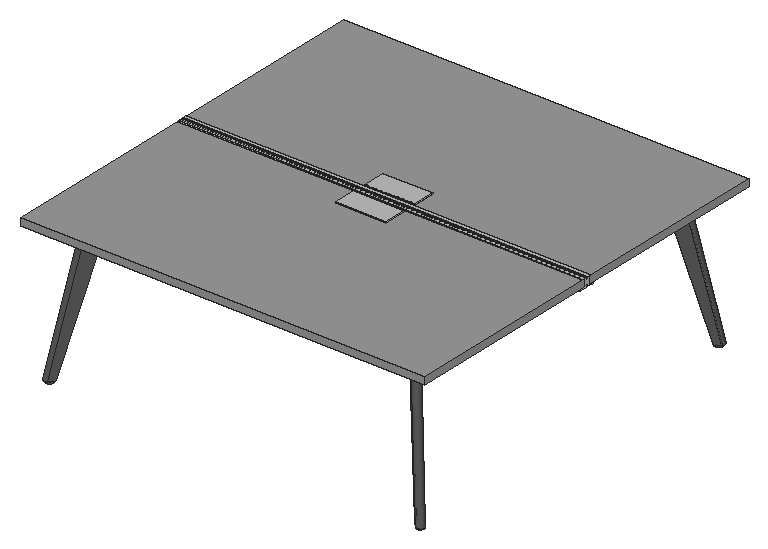
Revit family "Haworth_AWood_Bench_FacetoFace_EU_PRELIMINARY", category Furniture, Revit 2019
Family settings
  OmniClass Number = 23.40.70.14.64.11
  OmniClass Title = Office Furniture
  Work Plane-Based = No
  Always vertical = Yes
  Cut with Voids When Loaded = No
  Shared = No
  Room Calculation Point = No
Parameters (values of type "200 x 200")
  Worksurface Depth = "160, 180, 200cm"  # constant formula
  Worksurface Width = "120, 140, 160, 180, 200cm"  # constant formula
  Warranty = "http://www.haworth.com/resources/product-info/warranties"
  URL - Product = "https://www.haworth.com/eu/en/products/office-desks/a-wood.html?_br_psugg_q=awood"
  Type Comments = ""
  URL = "https://www.haworth.com/eu/en.html"
  Trim Finish = Haworth _ Metal _ Structured White EC
  Tray Depth = Actual Depth - 80 cm  # 120 cm
  Top Finish [instance] = Haworth _ Laminate _ Undecided _ Tables
  Small = no
  Size = "Verify Final Dim.w/ Haworth"  # constant formula
  Round Cable Outlet = no
  Revision Number = "1"  # constant formula
  No Accessory Kit = not(or(Accessory Kit, Flip Top Cable Outlet, Round Cable Outlet))  # no
  Model = "AWB1LXX1X"  # constant formula
  Medium = not(or(Large, Small))  # no
  Manufacturer = "Haworth"  # constant formula
  Leg Height = Actual Height - 3.5 cm  # 69.5 cm
  Large = yes
  Flip Top Finish = Haworth _ Paint _ Metallic Silver
  Flip Top Cable Outlet = yes
  Description = "Haworth - A_Wood - Bench - Face to Face"  # constant formula
  Depth = if(Central Rail, Actual Depth / 2 - 1 cm, Actual Depth)  # 99 cm
  Central Rail = yes
  Base Finish [instance] = Haworth _ Paint _ Black
  Author = "Haworth (Abd Rahman)"  # constant formula
  Assembly Code = "E2020200"
  Actual Width = 200 cm
  Actual Height = 73 cm  # constant formula
  Actual Depth = if(Small, 160 cm, if(Medium, 180 cm, 200 cm))  # 200 cm
  Accessory Kit = yes
Types (8, lengths in cm): name | Tray Depth | Small | Round Cable Outlet | No Accessory Kit | Medium | Large | Flip Top Cable Outlet | Depth | Central Rail | Actual Width | Actual Depth | Accessory Kit
  120 x 160 | 80 | yes | no | yes | no | no | no | 160 | no | 120 | 160 | no
  140 x 180 | 100 | no | no | yes | yes | no | no | 89 | yes | 140 | 180 | no
  160 x 200 | 120 | no | yes | no | no | yes | no | 99 | yes | 160 | 200 | no
  180 x 160 | 80 | yes | no | yes | no | no | no | 160 | no | 180 | 160 | no
  200 x 180 | 100 | no | no | yes | yes | no | no | 89 | yes | 200 | 180 | no
  200 x 200 | 120 | no | no | no | no | yes | yes | 99 | yes | 200 | 200 | yes
  160 x 160 | 80 | yes | no | no | no | no | yes | 160 | no | 160 | 160 | yes
  180 x 180 | 100 | no | no | yes | yes | no | no | 89 | yes | 180 | 180 | no
Reference planes (cm)
  plane 1 "Center F/B": y = 17.4526
  plane 2: z = 0
  plane 3 "Center L/R": x = 11.43
  plane 4 "Top": z = 73
  plane 5 "Left": x = -88.57
  plane 6 "Right": x = 111.43
  plane 7 "Back": y = 117.4526
  plane 8 "Front": y = -82.5474
  plane 9: y = 102.4526
  plane 10: y = -67.5474
  plane 11: z = 70.5
  plane 12: z = 69.5
  plane 13: x = -83.57
  plane 14: x = 106.43
Dimensions and locks (cm)
  "Actual Height": plane 4 "Top" to level
  equal spacing: plane 7 "Back", plane 1 "Center F/B", plane 8 "Front"
  "Actual Depth": plane 7 "Back" to plane 8 "Front"
  equal spacing: plane 5 "Left", plane 3 "Center L/R", plane 6 "Right"
  "Actual Width": plane 5 "Left" to plane 6 "Right"
  plane 4 "Top" to plane 11 to plane 12 = 2.5 cm locked, 1 cm locked
  locked: plane 5 "Left" to plane 13 at 5
  locked: plane 14 to plane 6 "Right" at 5
  locked: plane 8 "Front" to plane 10 at 15
  locked: plane 7 "Back" to plane 9 at 15
  aligned and locked: nested 1 to plane 10
  aligned and locked: nested 1 to plane 13
  aligned and locked: nested 3 to plane 14
  aligned and locked: nested 3 to plane 10
  aligned and locked: nested 5 to plane 13
  aligned and locked: nested 4 to plane 14
  aligned and locked: nested 4 to plane 9
  aligned and locked: nested 5 to plane 9
  aligned and locked: plane 3 "Center L/R" to nested 6
  aligned and locked: nested 6 to plane 4 "Top"
  aligned and locked: nested 7 to plane 13
  aligned and locked: plane 4 "Top" to nested 7
  aligned and locked: plane 3 "Center L/R" to nested 2
  aligned and locked: nested 2 to plane 8 "Front"
  aligned and locked: plane 3 "Center L/R" to nested 8
  aligned and locked: plane 7 "Back" to nested 8
  aligned and locked: plane 3 "Center L/R" to nested 9
  aligned and locked: nested 9 to plane 1 "Center F/B"
  aligned and locked: nested 9 to plane 4 "Top"
  aligned and locked: nested 10 to plane 1 "Center F/B"
  aligned and locked: nested 11 to plane 1 "Center F/B"
  aligned and locked: plane 13 to nested 10
  aligned and locked: nested 11 to plane 14
  aligned and locked: nested 11 to plane 12
  aligned and locked: nested 10 to plane 12
  aligned and locked: nested 9 to nested 6
  aligned and locked: nested 12 to plane 3 "Center L/R"
  aligned and locked: nested 12 to nested 9
  aligned and locked: plane 4 "Top" to nested 12
  aligned and locked: nested 9 to nested 7
  aligned and locked: plane 1 "Center F/B" to nested 13
  aligned and locked: nested 13 to plane 14
  aligned and locked: plane 4 "Top" to nested 13
Nested families (cm)
  nested 1: "Haworth_A_Wood_SingleLeg_PART" at (-23.7556, -17.3543, 0), Leg Finish <- "Base Finish", type "A_Wood Legs - PART"
    with Leg Finish Haworth _ Paint _ Black
  nested 2: "Haworth_A_Wood_Top_Rectangular-PART" at (170.2444, 38.0136, 0), Top Finish <- "Top Finish", visible <- "Central Rail", type "A_Wood Top Rectangular - PART"
    with Top Finish Haworth _ Laminate _ Undecided _ Tables, Void Depth 0 cm, Scallop no, Rounded Corners no, Actual Width 200 cm, Actual Depth 99 cm
  nested 3: "Haworth_A_Wood_SingleLeg_PART" at (45.9869, -17.983, 0) x (0, 1, 0) z (0, 0, 1), Leg Finish <- "Base Finish", type "A_Wood Legs - PART"
    with Leg Finish Haworth _ Paint _ Black
  nested 4: "Haworth_A_Wood_SingleLeg_PART" at (46.6156, 52.2596, 0) x (-1, 0, 0) z (0, 0, 1), Leg Finish <- "Base Finish", type "A_Wood Legs - PART"
    with Leg Finish Haworth _ Paint _ Black
  nested 5: "Haworth_A_Wood_SingleLeg_PART" at (-23.1269, 52.8883, 0) x (0, -1, 0) z (0, 0, 1), Leg Finish <- "Base Finish", type "A_Wood Legs - PART"
    with Leg Finish Haworth _ Paint _ Black
  nested 6: "Haworth-Flip Top" at (9.9813, 26.3193, -7), visible <- "Flip Top Cable Outlet", type "Flip Top - Visio"
    with Actual Width 25 cm
  nested 7: "Haworth_Grommet-PART" at (-63.3841, 54.6626, 20.7768), visible <- "Round Cable Outlet", type "Cable Outlet"
  nested 8: "Haworth_A_Wood_Top_Rectangular-PART" at (170.2444, 139.0136, 0), Top Finish <- "Top Finish", type "A_Wood Top Rectangular - PART"
    with Top Finish Haworth _ Laminate _ Undecided _ Tables, Void Depth 0 cm, Scallop no, Rounded Corners no, Actual Width 200 cm, Actual Depth 99 cm
  nested 9: "Haworth_A_Wood_Accessories_CentralRail_PART" at (170.2444, 67.0136, -0.075), visible <- "Central Rail", type "A_Wood Rail - PART"
    with Actual Width 200 cm
  nested 10: "Haworth_A_Wood_Accessories_SideGirder_PART" at (-129.6309, 176.267, -3.5) x (0, 1, 0) z (0, 0, 1), type "A_Wood Legs - PART"
    with Actual Width 120 cm
  nested 11: "Haworth_A_Wood_Accessories_SideGirder_PART" at (40.3691, 176.267, -3.5) x (0, 1, 0) z (0, 0, 1), type "A_Wood Legs - PART"
    with Actual Width 120 cm
  nested 12: "Haworth-Flip Top" at (9.9813, 8.586, -7), visible <- "Flip Top Cable Outlet", type "Flip Top - Visio"
    with Actual Width 25 cm
  nested 13: "Haworth_Grommet-PART" at (86.2441, -16.2574, 20.7768) x (-1, 0, 0) z (0, 0, 1), visible <- "Round Cable Outlet", type "Cable Outlet"
Definition of nested family "Haworth_A_Wood_SingleLeg_PART"
  Parameters (values of type "A_Wood Legs - PART")
    Warranty = "https://www.haworth.com/resources/product-info/warranties"
    URL - Product = ""
    Model = "Haworth - A_Wood"  # constant formula
    Metal Finish = none
    Leg Finish [instance] = none
    Description = "Haworth - A_Wood - Legs - PART"  # constant formula
    URL = ""
    Revision Number = "1"  # constant formula
    Manufacturer = "Haworth"  # constant formula
    Author = "Haworth (Abd Rahman)"  # constant formula
    Assembly Code = "E2020200"
    Actual Height = 73 cm  # constant formula
  Reference planes (cm)
    plane 1 "Bottom": z = 0
    plane 2 "Top": z = 73
    plane 3 "Top Bottom": z = 69.5
    plane 4: x = -59.8144
    plane 5: x = -39.3144
    plane 6: y = -39.9431
    plane 7 "Front": y = -60.4431
    plane 8: x = -49.5644
    plane 9: y = -50.1931
  Forms (cm)
    SweptBlend 1, solid, material <- "Leg Finish"
      path origin (-58.7425, -59.2694, 121.92) x (-0.707107, -0.707107, 0) y (0, 0, -1)
        loop
          line (-1.6984, 123.3068) -> (-17.8231, 51.5727)
      profile origin (-57.5416, -58.0684, -1.3868) x (-0.689892, -0.689892, 0.219313) y (0.707107, -0.707107, 0)
        loop
          line (-2.6886, 1.6172) -> (-2.6886, -2.1828) -> (0.0676, -2.1828)
          arc (0.0676, -2.1828) -> (1.9676, -0.2828) -> (0.0676, 1.6172) r 1.9
          line (0.0676, 1.6172) -> (-2.6886, 1.6172)
      end profile origin (-46.1396, -46.6665, 70.3473) x (-0.689892, -0.689892, 0.219313) y (0.707107, -0.707107, 0)
        loop
          line (-7.1321, -2.1828) -> (0, -2.1828)
          arc (0, -2.1828) -> (1.9, -0.2828) -> (0, 1.6172) r 1.9
          line (0, 1.6172) -> (-7.1321, 1.6172) -> (-7.1321, -2.1828)
    Extrusion 2, void
      sketch origin (-58.7425, -59.2694, 121.92) x (-0.707107, -0.707107, 0) y (0, 0, -1)
        loop
          line (-22.8359, 60.9135) -> (-31.3359, 60.9135) -> (-31.3359, 46.4135) -> (-6.8632, 46.4135) -> (-6.8632, 53.0135) -> (-22.8359, 53.0135) -> (-22.8359, 60.9135)
        loop
          line (1.2172, 120.9135) -> (1.2172, 124.4135) -> (-5.7828, 124.4135) -> (-5.7828, 120.9135) -> (1.2172, 120.9135)
      from -2.1828 to 1.6172
    Extrusion 3, solid, material <- "Metal Finish"
      sketch origin (22.515, 0, 0) x (-1, 0, 0) y (0, -1, 0)
        loop
          arc (63.3082, 55.3567) -> (64.353, 43.9204) -> (75.222, 40.2132) r 10.5502
          arc (75.222, 40.2132) -> (77.0947, 53.9447) -> (63.3082, 55.3567) r 9.6395
        loop
          circle (75.5231, 43.1034) r 0.6436
        loop
          circle (69.4207, 42.3367) r 0.5
        loop
          circle (63.9678, 47.7855) r 0.5
        loop
          circle (64.6924, 53.9741) r 0.6849
        loop
          circle (74.6212, 53.0565) r 0.7071
      from 68.9065 to 69.5
    Revolve 4, solid
      sketch origin (-0.1869, -57.1918, 0) x (1, 0, 0) y (0, 0, 1)
        loop
          line (-56.6292, 1.0037) -> (-56.6292, 0) -> (-54.9292, 0) -> (-54.9292, 0.4) -> (-56.0292, 0.4) -> (-56.0292, 1.0037) -> (-56.6292, 1.0037)
        axis (-56.6292, 1.0037) -> (-56.6292, 0)
      angle from 0 to 360
    Extrusion 5, solid, material <- "Metal Finish"
      sketch origin (-25.6346, -85.9201, 0) x (0.707107, -0.707107, 0) y (0, 0, 1)
        loop
          line (-44.0328, 69.5) -> (-44.0328, 62.4065) -> (-41.0328, 62.4065) -> (-41.0328, 69.5) -> (-44.0328, 69.5)
        loop
          circle (-42.5693, 66.9745) r 1
        loop
          circle (-42.5978, 63.7457) r 1
      from -18.4115 to -18.1579
    Extrusion 6, void
      sketch origin (-25.6346, -85.9201, 0) x (0.707107, -0.707107, 0) y (0, 0, 1)
        loop
          circle (-42.5693, 66.9745) r 1
        loop
          circle (-42.5978, 63.7457) r 1
      from -20.0066 to -17.9454
  Cuts and joins
    Extrusion 2, Extrusion 6 cuts SweptBlend 1
    Extrusion 6 cuts Extrusion 5
    joined: Extrusion 3, Extrusion 5
  Lines and regions (cm)
    symbolic lines, detail levels medium+fine
      curve 1: arc (-53.9353, -40.9662, 0) -> (-42.6617, -43.3429, 0) -> (-40.285, -54.6165, 0) r 10.5502
      curve 2: arc (-40.285, -54.6165, 0) -> (-46.2123, -57.5166, 0) -> (-52.6178, -55.9317, 0) r 9.6539
      curve 3: line (-58.7572, -56.6971, 0) -> (-55.2939, -53.2338, 0)
      curve 4: line (-52.6178, -55.9317, 0) -> (-56.0702, -59.3841, 0)
      curve 5: arc (-56.074, -59.3805, 0) -> (-58.786, -59.4129, 0) -> (-58.7536, -56.7008, 0) r 1.8953
      curve 6: arc (-55.2939, -53.2338, 0) -> (-56.8312, -46.8545, 0) -> (-53.9353, -40.9662, 0) r 9.6539
  Dimensions and locks (cm)
    "Actual Height": plane 2 "Top" to level
    plane 2 "Top" to plane 3 "Top Bottom" = 3.5 cm
    equal spacing: plane 4, plane 8, plane 5
    equal spacing: plane 6, plane 9, plane 7 "Front"
    Extrusion 5 sketch curve to cut or joined group of SweptBlend 1, Extrusion 2, Extrusion 6 = 0.3942 cm
    Extrusion 5 sketch curve to Extrusion 5 sketch curve = 3 cm
  Automatic sketch dimensions
    curve 2 to curve 6 = 0 cm  (x2)
    plane 4 to curve 5 = 2.3685 cm
    plane 4 to curve 3 = 4.5204 cm
    curve 4 to plane 8 = 3.0535 cm
    curve 1 to plane 8 = 0.5574 cm
    plane 8 to curve 6 = 2.3284 cm
    curve 5 to plane 7 "Front" = 2.3704 cm
    curve 4 to plane 7 "Front" = 4.5114 cm
    curve 3 to plane 9 = 3.0407 cm
    curve 1 to plane 9 = 0.6099 cm
    curve 1 to curve 6 = 2.8858 cm
    plane 4 to curve 5 = 1.0607 cm
    curve 3 to curve 5 = 0.0036 cm
    curve 5 to curve 5 = 1.3718 cm
    curve 4 to plane 7 "Front" = 1.059 cm
    curve 5 to curve 4 = 0.0038 cm
    curve 1 to plane 6 = 1.0231 cm
    curve 4 to curve 5 = 0.0036 cm
    curve 5 to curve 3 = 0.0038 cm
    plane 3 "Top Bottom" to SweptBlend 1 sketch curve = 0.8473 cm
    SweptBlend 1 sketch curve to level = 1.3868 cm
    SweptBlend 1 sketch curve to SweptBlend 1 sketch curve = 16.1248 cm
    profile plane to SweptBlend 1 sketch curve = 1.6172 cm
    profile plane to SweptBlend 1 sketch curve = 2.6886 cm
    SweptBlend 1 sketch curve to profile plane = 0.0676 cm
    SweptBlend 1 sketch curve to profile plane = 0.2828 cm  (x2)
    SweptBlend 1 sketch curve to profile plane = 0 cm
    SweptBlend 1 sketch curve to profile plane = 2.1828 cm
    SweptBlend 1 sketch curve to SweptBlend 1 sketch curve = 7.1321 cm
    Extrusion 2 sketch curve to plane 3 "Top Bottom" = 8.4935 cm
    Extrusion 2 sketch curve to Extrusion 2 sketch curve = 8.5 cm
    Extrusion 2 sketch curve to plane 3 "Top Bottom" = 0.5935 cm
    Extrusion 2 sketch curve to Extrusion 2 sketch curve = 15.9727 cm
    level to Extrusion 2 sketch curve = 1.0065 cm
    Extrusion 2 sketch curve to Extrusion 2 sketch curve = 17.0531 cm
    Extrusion 2 sketch curve to level = 2.4935 cm
    Extrusion 2 sketch curve to Extrusion 2 sketch curve = 7 cm
    plane 2 "Top" to Extrusion 2 sketch curve = 2.5065 cm
    plane 5 to Extrusion 3 sketch curve = 2.1385 cm
    plane 5 to Extrusion 3 sketch curve = 2.8631 cm
    Extrusion 3 sketch curve to plane 8 = 2.6586 cm
    Extrusion 3 sketch curve to plane 8 = 2.5606 cm
    plane 8 to Extrusion 3 sketch curve = 0.5653 cm
    plane 8 to Extrusion 3 sketch curve = 2.5418 cm
    plane 8 to Extrusion 3 sketch curve = 3.4437 cm
    plane 9 to Extrusion 3 sketch curve = 3.781 cm
    plane 9 to Extrusion 3 sketch curve = 2.8634 cm
    plane 9 to Extrusion 3 sketch curve = 0.2507 cm
    Extrusion 3 sketch curve to Extrusion 3 sketch curve = 2.4593 cm
    Extrusion 3 sketch curve to plane 9 = 2.4076 cm
    plane 6 to Extrusion 3 sketch curve = 3.1604 cm
    plane 6 to Extrusion 3 sketch curve = 2.3936 cm
    plane 5 to Extrusion 3 sketch curve = 1.4789 cm
    plane 6 to Extrusion 3 sketch curve = 0.2702 cm
    Revolve 4 sketch curve to level = 0 cm
    level to Revolve 4 sketch curve = 1.0037 cm
    plane 4 to Revolve 4 sketch curve = 2.9983 cm
    Revolve 4 sketch curve to Revolve 4 sketch curve = 0.6 cm
    Revolve 4 sketch curve to Revolve 4 sketch curve = 1.1 cm
    Revolve 4 sketch curve to Revolve 4 sketch curve = 0.4 cm
    Revolve 4 sketch curve to Revolve 4 sketch curve = 0 cm  (x2)
    Revolve 4 sketch curve to level = 0.0502 cm
    Extrusion 5 sketch curve to Extrusion 5 sketch curve = 1.435 cm
    Extrusion 5 sketch curve to Extrusion 5 sketch curve = 1.4634 cm
    Extrusion 5 sketch curve to plane 3 "Top Bottom" = 7.0935 cm
    Extrusion 5 sketch curve to Extrusion 5 sketch curve = 1.3391 cm
    Extrusion 5 sketch curve to plane 3 "Top Bottom" = 2.5255 cm
    Extrusion 5 sketch curve to plane 3 "Top Bottom" = 0 cm
    Extrusion 6 sketch curve to Extrusion 6 sketch curve = 3.2289 cm
    Extrusion 6 sketch curve to plane 3 "Top Bottom" = 5.7543 cm
    Extrusion 6 sketch curve to Extrusion 6 sketch curve = 0.0285 cm
    radius of Extrusion 3 sketch curve = 0.6436 cm
    radius of Extrusion 3 sketch curve = 0.5 cm  (x2)
    radius of Extrusion 3 sketch curve = 0.6849 cm
    radius of Extrusion 3 sketch curve = 0.7071 cm
    radius of Extrusion 5 sketch curve = 1 cm  (x2)
    radius of Extrusion 6 sketch curve = 1 cm  (x2)
Definition of nested family "Haworth_A_Wood_Top_Rectangular-PART"
  Parameters (values of type "A_Wood Top Rectangular - PART")
    Warranty = "https://www.haworth.com/resources/product-info/warranties"
    Void Depth = 15 cm
    URL - Product = ""
    Top Finish [instance] = none
    Thickness = 3.5 cm
    Squared Corners = yes
    Scallop = yes
    Rounded Corners = yes
    Rectangle = no
    Model = "Haworth - A_Wood"  # constant formula
    Description = "Haworth - A_Wood - Rectangular - Top - PART"  # constant formula
    URL = ""
    Revision Number = "1"  # constant formula
    Manufacturer = "Haworth"  # constant formula
    Author = "Haworth (Abd Rahman)"  # constant formula
    Assembly Code = "E2020200"
    Actual Width = 120 cm
    Actual Depth = 100 cm
  Reference planes (cm)
    plane 1 "Bottom": z = 0
    plane 2 "Top": z = 73
    plane 3 "Top Bottom": z = 69.5
    plane 4: x = -218.8144
    plane 5 "Right": x = -98.8144
    plane 6: y = -21.0609
    plane 7 "Front": y = -121.0609
    plane 8: x = -158.8144
    plane 9: y = -71.0609
    plane 10: y = -36.0609
    plane 11: x = -194.8144
    plane 12: x = -122.8144
  Forms (cm)
    Extrusion 1, solid, material <- "Top Finish", visible <- "Squared Corners"
      sketch origin (0, 0, 0) x (1, 0, 0) y (0, 1, 0)
        loop
          line (-218.8144, -21.0609) -> (-218.8144, -121.0609) -> (-98.8144, -121.0609) -> (-98.8144, -21.0609) -> (-218.8144, -21.0609)
      from 69.5 to 73
    Extrusion 2, solid, material <- "Top Finish", visible <- "Rounded Corners"
      sketch origin (0, 0, 0) x (1, 0, 0) y (0, 1, 0)
        loop
          arc (-214.8144, -21.0609) -> (-217.6428, -22.2325) -> (-218.8144, -25.0609) r 4
          line (-218.8144, -25.0609) -> (-218.8144, -117.0609)
          arc (-218.8144, -117.0609) -> (-217.6428, -119.8893) -> (-214.8144, -121.0609) r 4
          line (-214.8144, -121.0609) -> (-102.8144, -121.0609)
          arc (-102.8144, -121.0609) -> (-99.9859, -119.8893) -> (-98.8144, -117.0609) r 4
          line (-98.8144, -117.0609) -> (-98.8144, -25.0609)
          arc (-98.8144, -25.0609) -> (-99.9859, -22.2325) -> (-102.8144, -21.0609) r 4
          line (-102.8144, -21.0609) -> (-214.8144, -21.0609)
      from 69.5 to 73
    Extrusion 3, void
      sketch origin (0, 0, 0) x (1, 0, 0) y (0, 1, 0)
        loop
          line (-194.8144, -21.0609) -> (-189.1575, -36.0609) -> (-128.4712, -36.0609) -> (-122.8144, -21.0609) -> (-194.8144, -21.0609)
      from 0 to 182.4895
  Cuts and joins
    Extrusion 3 cuts Extrusion 2
    Extrusion 3 cuts Extrusion 1
  Lines and regions (cm)
    Masking region 1, visible <- "Squared Corners"
      outline origin (0, 0, 0) x (1, 0, 0) y (0, 1, 0)
        loop
          line (-218.8144, -21.0609) -> (-218.8144, -121.0609) -> (-98.8144, -121.0609) -> (-98.8144, -21.0609) -> (-218.8144, -21.0609)
    Masking region 2
      outline origin (0, -0.1905, 0) x (1, 0, 0) y (0, 1, 0)
        loop
          arc (-215.1194, -20.8704) -> (-217.7534, -22.199) -> (-218.8144, -24.9517) r 4.1015
          line (-218.8144, -24.9517) -> (-218.8144, -117.0498)
          arc (-218.8144, -117.0498) -> (-217.6953, -119.7514) -> (-214.9938, -120.8704) r 3.8205
          line (-214.9938, -120.8704) -> (-102.6349, -120.8704)
          arc (-102.6349, -120.8704) -> (-99.9334, -119.7514) -> (-98.8144, -117.0498) r 3.8205
          line (-98.8144, -117.0498) -> (-98.8144, -24.9517)
          arc (-98.8144, -24.9517) -> (-99.8753, -22.199) -> (-102.5093, -20.8704) r 4.1015
          line (-102.5093, -20.8704) -> (-215.1194, -20.8704)
  Dimensions and locks (cm)
    equal spacing: plane 4, plane 8, plane 5 "Right"
    equal spacing: plane 6, plane 9, plane 7 "Front"
    "Actual Depth": plane 7 "Front" to plane 6
    "Actual Width": plane 4 to plane 5 "Right"
    plane 2 "Top" to plane 3 "Top Bottom" = 3.5 cm  (x2)
    "Thickness": plane 2 "Top" to plane 3 "Top Bottom"
    locked: plane 4 to plane 11 at 24
    locked: plane 12 to plane 5 "Right" at 24
    "Void Depth": plane 10 to plane 6
    aligned and locked: Extrusion 1 sketch curve to plane 5 "Right"
    aligned and locked: Extrusion 1 sketch curve to plane 6
    aligned and locked: plane 4 to Extrusion 1 sketch curve
    aligned and locked: Extrusion 1 sketch curve to plane 7 "Front"
    aligned and locked: plane 2 "Top" to Extrusion 1
    aligned and locked: Extrusion 1 to plane 3 "Top Bottom"
    aligned and locked: Masking region 1 sketch curve to plane 5 "Right"
    aligned and locked: Masking region 1 sketch curve to plane 6
    aligned and locked: plane 4 to Masking region 1 sketch curve
    aligned and locked: Masking region 1 sketch curve to plane 7 "Front"
    aligned and locked: plane 6 to Masking region 2
    aligned and locked: plane 5 "Right" to Masking region 2
    aligned and locked: plane 7 "Front" to Extrusion 2
    aligned and locked: plane 7 "Front" to Masking region 2
    aligned and locked: Masking region 2 to plane 4
    aligned and locked: plane 10 to Extrusion 3 sketch curve
    aligned and locked: plane 6 to Extrusion 3 sketch curve
  Automatic sketch dimensions
    Extrusion 2 sketch curve to plane 4 = 0 cm
    plane 7 "Front" to Extrusion 2 sketch curve = 0 cm
    Extrusion 2 sketch curve to plane 6 = 0 cm
    Extrusion 2 sketch curve to plane 5 "Right" = 0 cm
    plane 4 to Extrusion 2 sketch curve = 4 cm  (x2)
    Extrusion 2 sketch curve to plane 5 "Right" = 4 cm  (x2)
    plane 4 to Masking region 2 sketch curve = 0 cm
    Masking region 2 sketch curve to plane 7 "Front" = 0 cm
    Masking region 2 sketch curve to plane 5 "Right" = 0 cm
    Masking region 2 sketch curve to plane 6 = 0 cm
    plane 4 to Masking region 2 sketch curve = 3.6949 cm
    Masking region 2 sketch curve to Masking region 2 sketch curve = 4.1015 cm
    Masking region 2 sketch curve to Masking region 2 sketch curve = 3.8205 cm
    Masking region 2 sketch curve to plane 5 "Right" = 3.8205 cm
    Masking region 2 sketch curve to plane 5 "Right" = 4.1015 cm
    Masking region 2 sketch curve to plane 5 "Right" = 3.6949 cm
    Extrusion 3 sketch curve to plane 11 = 0 cm  (x2)
    Extrusion 3 sketch curve to plane 6 = 0 cm  (x2)
    Extrusion 3 sketch curve to plane 12 = 0 cm  (x2)
    Extrusion 3 sketch curve to plane 11 = 5.6569 cm
    plane 12 to Extrusion 3 sketch curve = 5.6569 cm
Definition of nested family "Haworth-Flip Top"
  Parameters (values of type "Flip Top - Visio")
    Warranty = ""
    URL - Product = ""
    URL = ""
    Sustainability Info = ""
    Size = "Verify Final Dim. w/ Haworth"  # constant formula
    Single Sided = no
    Single Sided Wide = yes
    Revision Number = ""
    OmniClass Number = ""
    Material Options = ""
    Manufacturer = "Haworth"  # constant formula
    LEED Data = ""
    Flip Top Height = 2.5 cm
    Flip Top Finish = none
    Double Sided = no
    Double Sided Wide = no
    Author = "SHAPE Environments, LLC"  # constant formula
    Assembly Code = ""
    Actual Width = 20 cm
    Actual Height = 80 cm
    Actual Depth = 11 cm
  Reference planes (cm)
    plane 1 "Center F/B": y = 0.1333
    plane 2: z = 0
    plane 3 "Center L/R": x = 1.4487
    plane 4 "Back": y = 5.6333
    plane 5 "Right": x = 11.4487
    plane 6 "Front": y = -5.3667
    plane 7 "Left": x = -8.5513
    plane 8 "Table Height": z = 80
    plane 9: z = 77.5
  Forms (cm)
    Extrusion 1, solid, material <- "Flip Top Finish"
      sketch origin (0, 0, 80) x (-1, 0, 0) y (0, -1, 0)
        loop
          line (8.5513, -5.6333) -> (8.5513, 5.3667) -> (-11.4487, 5.3667) -> (-11.4487, -5.6333) -> (8.5513, -5.6333)
      from 0 to 0.3175
    Extrusion 2, solid, material <- "Flip Top Finish"
      sketch origin (0, 0, 80) x (-1, 0, 0) y (0, -1, 0)
        loop
          line (8.2338, -5.1571) -> (8.2338, 4.8904) -> (-11.1312, 4.8904) -> (-11.1312, -5.1571) -> (8.2338, -5.1571)
      from 0 to -2.5
  Cuts and joins
    joined: Extrusion 1, Extrusion 2
  Lines and regions (cm)
    symbolic lines
      curve 1: line (-8.5513, 5.6333, 80) -> (11.4487, 5.6333, 80)
      curve 2: line (-8.5513, -5.3667, 80) -> (-8.5513, 5.6333, 80)
      curve 3: line (11.4487, -5.3667, 80) -> (-8.5513, -5.3667, 80)
      curve 4: line (11.4487, 5.6333, 80) -> (11.4487, -5.3667, 80)
  Dimensions and locks (cm)
    equal spacing: plane 7 "Left", plane 3 "Center L/R", plane 5 "Right"
    "Actual Width": plane 7 "Left" to plane 5 "Right"
    equal spacing: plane 6 "Front", plane 1 "Center F/B", plane 4 "Back"
    "Actual Depth": plane 4 "Back" to plane 6 "Front"
    plane 7 "Left" to Extrusion 2 sketch curve = 0.3175 cm
    plane 4 "Back" to Extrusion 2 sketch curve = 0.4762 cm
    Extrusion 2 sketch curve to plane 5 "Right" = 0.3175 cm
    Extrusion 2 sketch curve to plane 6 "Front" = 0.4763 cm
    "Actual Height": plane 8 "Table Height" to level
    "Flip Top Height": plane 8 "Table Height" to plane 9
    aligned and locked: plane 7 "Left" to Extrusion 1 sketch curve
    aligned and locked: Extrusion 1 sketch curve to plane 4 "Back"
    aligned and locked: plane 6 "Front" to Extrusion 1 sketch curve
    aligned and locked: Extrusion 1 sketch curve to plane 5 "Right"
    aligned and locked: plane 9 to cut or joined group of Extrusion 1, Extrusion 2
  Automatic sketch dimensions
    curve 4 to plane 5 "Right" = 0 cm
    curve 2 to plane 4 "Back" = 0 cm
    curve 2 to plane 7 "Left" = 0 cm
    curve 4 to plane 6 "Front" = 0 cm
Definition of nested family "Haworth_Grommet-PART"
  Parameters (values of type "Cable Outlet")
    Warranty = "http://www.haworth.com/resources/product-info/warranties"
    Vertical = no
    URL = "www.haworth.com"
    Trim Finish = none
    Size = "Verify Final Dim. w/ Haworth"  # constant formula
    Revision Number = "1"  # constant formula
    Model = "X742"  # constant formula
    Manufacturer = "Haworth"  # constant formula
    Horizontal = yes
    Description = "Haworth - Cable Outlet - 25mm"  # constant formula
    Author = "Haworth (Abd Rahman)"  # constant formula
    Assembly Code = "E2020200"
    Actual Width = 9 cm  # constant formula
    Actual Height = 0.2 cm  # constant formula
    Actual Depth = 9 cm  # constant formula
  Reference planes (cm)
    plane 1: z = 52.2232
    plane 2 "Center L/R": x = -15.6859
    plane 3 "Center F/B": y = -29.21
    plane 4 "Top": z = 52.4232
    plane 5 "Back": y = -24.71
    plane 6 "Front": y = -33.71
    plane 7 "Right": x = -11.1859
    plane 8 "Left": x = -20.1859
    plane 9: x = -15.505
  Forms (cm)
    Revolve 1, solid, material <- "Trim Finish", visible <- "Vertical"
      sketch origin (-67.9273, -29.21, 36.6305) x (0, 0, 1) y (1, 0, 0)
        loop
          line (15.6859, 52.4223) -> (11.5684, 52.4223)
          arc (11.5684, 52.4223) -> (11.398, 52.3576) -> (11.2576, 52.2414) r 0.557
          line (11.2576, 52.2414) -> (15.6859, 52.2414) -> (15.6859, 52.4223)
        axis (15.6859, 52.4223) -> (15.6859, 52.2414)
      angle from 0 to 360
    Extrusion 2, void
      sketch origin (-67.9273, 0.0749, 36.6305) x (0, 0, -1) y (0, 1, 0)
        loop
          line (-17.5569, -26.0506) -> (-17.3333, -28.1782)
          arc (-17.3333, -28.1782) -> (-17.1796, -28.323) -> (-16.9822, -28.2479) r 0.1989
          arc (-16.9822, -28.2479) -> (-16.9186, -28.1652) -> (-16.8471, -28.0891) r 1.0616
          arc (-16.8471, -28.0891) -> (-16.3186, -27.7135) -> (-15.6859, -27.5721) r 1.6402
          arc (-15.6859, -27.5721) -> (-15.1781, -27.6415) -> (-14.7164, -27.8643) r 1.6402
          arc (-14.7164, -27.8643) -> (-14.5025, -27.8909) -> (-14.3853, -27.7099) r 0.203
          line (-14.3853, -27.7099) -> (-14.1679, -25.8137)
          arc (-14.1679, -25.8137) -> (-15.8906, -25.5293) -> (-17.5569, -26.0506) r 3.7744
      from 0 to 71.12
    Revolve 3, solid, material <- "Trim Finish", visible <- "Horizontal"
      sketch origin (-0.0331, -29.3081, 0.0151) x (-1, 0, 0) y (0, 0, 1)
        loop
          line (15.6859, 52.408) -> (11.5287, 52.408)
          arc (11.5287, 52.408) -> (11.3569, 52.3343) -> (11.219, 52.208) r 0.5592
          line (11.219, 52.208) -> (15.6859, 52.208) -> (15.6859, 52.408)
        axis (15.6859, 52.408) -> (15.6859, 52.208)
      angle from 0 to 360
    Extrusion 4, void
      sketch origin (-0.0331, -0.0232, 0.0151) x (1, 0, 0) y (0, 1, 0)
        loop
          line (-17.5569, -26.0506) -> (-17.3333, -28.1782)
          arc (-17.3333, -28.1782) -> (-17.1796, -28.323) -> (-16.9822, -28.2479) r 0.1989
          arc (-16.9822, -28.2479) -> (-16.9186, -28.1652) -> (-16.8471, -28.0891) r 1.0616
          arc (-16.8471, -28.0891) -> (-16.3186, -27.7135) -> (-15.6859, -27.5721) r 1.6402
          arc (-15.6859, -27.5721) -> (-15.1781, -27.6415) -> (-14.7164, -27.8643) r 1.6402
          arc (-14.7164, -27.8643) -> (-14.5025, -27.8909) -> (-14.3853, -27.7099) r 0.203
          line (-14.3853, -27.7099) -> (-14.1679, -25.8137)
          arc (-14.1679, -25.8137) -> (-15.8906, -25.5293) -> (-17.5569, -26.0506) r 3.7744
      from 0 to 71.12
  Cuts and joins
    Extrusion 2 cuts Revolve 1
    Extrusion 4 cuts Revolve 3
  Lines and regions (cm)
    Masking region 1
      outline origin (0, 0, 0) x (1, 0, 0) y (0, 1, 0)
        loop
          circle (-15.6859, -29.2849) r 4.4363
        loop
          circle (-15.6859, -29.2849) r 4.0899
        loop
          line (-14.3853, -27.7099) -> (-14.1679, -25.8137)
          arc (-14.1679, -25.8137) -> (-15.8906, -25.5293) -> (-17.5569, -26.0506) r 3.7744
          line (-17.5569, -26.0506) -> (-17.3333, -28.1782)
          arc (-17.3333, -28.1782) -> (-17.1796, -28.323) -> (-16.9822, -28.2479) r 0.1989
          arc (-16.9822, -28.2479) -> (-16.9186, -28.1652) -> (-16.8471, -28.0891) r 1.0616
          arc (-16.8471, -28.0891) -> (-16.3186, -27.7135) -> (-15.6859, -27.5721) r 1.6402
          arc (-15.6859, -27.5721) -> (-15.1781, -27.6415) -> (-14.7164, -27.8643) r 1.6402
          arc (-14.7164, -27.8643) -> (-14.5025, -27.8909) -> (-14.3853, -27.7099) r 0.203
  Dimensions and locks (cm)
    equal spacing: plane 8 "Left", plane 2 "Center L/R", plane 7 "Right"
    "Actual Width": plane 8 "Left" to plane 7 "Right"
    equal spacing: plane 5 "Back", plane 3 "Center F/B", plane 6 "Front"
    "Actual Depth": plane 5 "Back" to plane 6 "Front"
    "Actual Height": plane 4 "Top" to plane 1
    aligned and locked: plane 3 "Center F/B" to cut or joined group of Revolve 1, Extrusion 2  (x2)
    aligned and locked: cut or joined group of Revolve 3, Extrusion 4 to plane 4 "Top"
    aligned and locked: cut or joined group of Revolve 3, Extrusion 4 to plane 1
    aligned and locked: cut or joined group of Revolve 1, Extrusion 2 to plane 2 "Center L/R"
    aligned and locked: plane 9 to cut or joined group of Revolve 1, Extrusion 2
  Automatic sketch dimensions
    Revolve 1 sketch curve to plane 1 = 4.335 cm
    Revolve 1 sketch curve to Revolve 1 sketch curve = 0.3107 cm
    Revolve 1 sketch curve to Revolve 1 sketch curve = 0.1099 cm
    Revolve 1 sketch curve to Revolve 1 sketch curve = 4.0077 cm
    Revolve 1 sketch curve to plane 7 "Right" = 4.8651 cm
    Revolve 1 sketch curve to Revolve 1 sketch curve = 0.3651 cm
    Revolve 1 sketch curve to Revolve 1 sketch curve = 0 cm  (x2)
    Revolve 1 sketch curve to Revolve 1 sketch curve = 0.0195 cm
    Extrusion 2 sketch curve to Extrusion 2 sketch curve = 0 cm  (x2)
    plane 1 to Extrusion 2 sketch curve = 1.9643 cm
    Extrusion 2 sketch curve to Extrusion 2 sketch curve = 0.4161 cm
    Extrusion 2 sketch curve to Extrusion 2 sketch curve = 1.0307 cm
    Extrusion 2 sketch curve to Extrusion 2 sketch curve = 0.4587 cm
    Extrusion 2 sketch curve to Extrusion 2 sketch curve = 0.0242 cm
    Extrusion 2 sketch curve to Extrusion 2 sketch curve = 1.0632 cm
    Extrusion 2 sketch curve to Extrusion 2 sketch curve = 0.203 cm
    Extrusion 2 sketch curve to Extrusion 2 sketch curve = 0.2174 cm
    Extrusion 2 sketch curve to plane 5 "Back" = 4.5096 cm
    Extrusion 2 sketch curve to Extrusion 2 sketch curve = 0.0825 cm
    Extrusion 2 sketch curve to Extrusion 2 sketch curve = 0.3588 cm
    Extrusion 2 sketch curve to Extrusion 2 sketch curve = 0.7253 cm
    Extrusion 2 sketch curve to Extrusion 2 sketch curve = 1.502 cm
    Extrusion 2 sketch curve to Extrusion 2 sketch curve = 0.0031 cm
    Extrusion 2 sketch curve to Extrusion 2 sketch curve = 2.0772 cm
    Extrusion 2 sketch curve to Extrusion 2 sketch curve = 0.1925 cm
    Extrusion 2 sketch curve to Extrusion 2 sketch curve = 0.1586 cm
    Extrusion 2 sketch curve to Extrusion 2 sketch curve = 0.1352 cm
    Extrusion 2 sketch curve to Extrusion 2 sketch curve = 1.0976 cm
    Extrusion 2 sketch curve to Extrusion 2 sketch curve = 0.1281 cm
    Masking region 1 sketch curve to Masking region 1 sketch curve = 0 cm  (x4)
    Masking region 1 sketch curve to plane 2 "Center L/R" = 0 cm  (x2)
    Masking region 1 sketch curve to plane 2 "Center L/R" = 0.4242 cm
    Masking region 1 sketch curve to Masking region 1 sketch curve = 1.0307 cm
    Masking region 1 sketch curve to plane 3 "Center F/B" = 1.0318 cm
    Masking region 1 sketch curve to Masking region 1 sketch curve = 0.1925 cm
    Masking region 1 sketch curve to plane 2 "Center L/R" = 1.871 cm
    plane 3 "Center F/B" to Masking region 1 sketch curve = 0.002 cm
    plane 2 "Center L/R" to Masking region 1 sketch curve = 0.0345 cm
    plane 2 "Center L/R" to Masking region 1 sketch curve = 0.0586 cm
    plane 2 "Center L/R" to Masking region 1 sketch curve = 1.0976 cm
    Masking region 1 sketch curve to Masking region 1 sketch curve = 0.203 cm
    plane 2 "Center L/R" to Masking region 1 sketch curve = 1.518 cm
    plane 3 "Center F/B" to Masking region 1 sketch curve = 0.0749 cm
    Masking region 1 sketch curve to Masking region 1 sketch curve = 0.0096 cm
    Masking region 1 sketch curve to plane 3 "Center F/B" = 0.3569 cm
    Masking region 1 sketch curve to Masking region 1 sketch curve = 0.0504 cm
    Masking region 1 sketch curve to plane 3 "Center F/B" = 1.5001 cm
    Masking region 1 sketch curve to Masking region 1 sketch curve = 0.0031 cm
    Masking region 1 sketch curve to plane 5 "Back" = 1.3406 cm
    Masking region 1 sketch curve to Masking region 1 sketch curve = 0.2938 cm
    Masking region 1 sketch curve to Masking region 1 sketch curve = 0.1586 cm
    Revolve 3 sketch curve to plane 7 "Right" = 0.0663 cm
    Revolve 3 sketch curve to Revolve 3 sketch curve = 0.3096 cm
    Revolve 3 sketch curve to Revolve 3 sketch curve = 0.1316 cm
    Revolve 3 sketch curve to Revolve 3 sketch curve = 4.0256 cm
    Revolve 3 sketch curve to plane 4 "Top" = 0.5434 cm
    Revolve 3 sketch curve to Revolve 3 sketch curve = 0.3434 cm
    Revolve 3 sketch curve to Revolve 3 sketch curve = 0 cm
    Revolve 3 sketch curve to Revolve 3 sketch curve = 0.0151 cm  (x2)
    Extrusion 4 sketch curve to Extrusion 4 sketch curve = 0 cm  (x2)
    Extrusion 4 sketch curve to plane 7 "Right" = 6.4042 cm
    Extrusion 4 sketch curve to Extrusion 4 sketch curve = 0.4161 cm
    Extrusion 4 sketch curve to Extrusion 4 sketch curve = 1.0307 cm
    Extrusion 4 sketch curve to Extrusion 4 sketch curve = 0.4587 cm
    Extrusion 4 sketch curve to Extrusion 4 sketch curve = 0.0242 cm
    Extrusion 4 sketch curve to Extrusion 4 sketch curve = 1.0632 cm
    Extrusion 4 sketch curve to Extrusion 4 sketch curve = 0.203 cm
    Extrusion 4 sketch curve to Extrusion 4 sketch curve = 0.2174 cm
    Extrusion 4 sketch curve to plane 5 "Back" = 4.6077 cm
    Extrusion 4 sketch curve to Extrusion 4 sketch curve = 0.0825 cm
    Extrusion 4 sketch curve to Extrusion 4 sketch curve = 0.3588 cm
    Extrusion 4 sketch curve to Extrusion 4 sketch curve = 0.7253 cm
    Extrusion 4 sketch curve to Extrusion 4 sketch curve = 1.502 cm
    Extrusion 4 sketch curve to Extrusion 4 sketch curve = 0.0031 cm
    Extrusion 4 sketch curve to Extrusion 4 sketch curve = 2.0772 cm
    Extrusion 4 sketch curve to Extrusion 4 sketch curve = 0.1925 cm
    Extrusion 4 sketch curve to Extrusion 4 sketch curve = 0.1586 cm
    Extrusion 4 sketch curve to Extrusion 4 sketch curve = 0.1352 cm
    Extrusion 4 sketch curve to Extrusion 4 sketch curve = 1.0976 cm
    Extrusion 4 sketch curve to Extrusion 4 sketch curve = 0.1281 cm
    radius of Masking region 1 sketch curve = 4.4363 cm
    radius of Masking region 1 sketch curve = 4.0899 cm
Definition of nested family "Haworth_A_Wood_Accessories_CentralRail_PART"
  Parameters (values of type "A_Wood Rail - PART")
    Warranty = "https://www.haworth.com/resources/product-info/warranties"
    URL - Product = ""
    Model = "Haworth - A_Wood"  # constant formula
    Metal Finish = none
    Description = "Haworth - A_Wood - Rail - PART"  # constant formula
    URL = ""
    Revision Number = "1"  # constant formula
    Manufacturer = "Haworth"  # constant formula
    Author = "Haworth (Abd Rahman)"  # constant formula
    Assembly Code = "E2020200"
    Actual Width = 100 cm
    Actual Height = 73 cm  # constant formula
    Actual Depth = 7 cm  # constant formula
  Reference planes (cm)
    plane 1 "Bottom": z = 0
    plane 2 "Top": z = 73.25
    plane 3: x = -208.8144
    plane 4 "Right": x = -108.8144
    plane 5: y = -46.0609
    plane 6 "Front": y = -53.0609
    plane 7: x = -158.8144
    plane 8: y = -49.5609
    plane 9: z = 68.85
  Forms (cm)
    Extrusion 1, solid, material <- "Metal Finish"
      sketch origin (-108.8144, 0, 0) x (0, 1, 0) y (0, 0, 1)
        loop
          line (-48.2875, 69.375) -> (-48.2875, 73.075) -> (-47.0761, 73.075) -> (-46.9836, 73.1675) -> (-47.0661, 73.25) -> (-48.9815, 73.25) -> (-48.9815, 72.9105) -> (-48.6875, 72.8586) -> (-48.6875, 72.575) -> (-49.2325, 72.0725) -> (-49.2325, 70.4825) -> (-49.7174, 70.4825) -> (-49.7174, 72.0494) -> (-50.2875, 72.575) -> (-50.2875, 72.8392) -> (-50.0209, 72.9106) -> (-50.0209, 73.25) -> (-51.893, 73.25) -> (-52.0045, 73.1386) -> (-51.9409, 73.075) -> (-50.6875, 73.075) -> (-50.6875, 69.375) -> (-52.9875, 69.375) -> (-52.9875, 68.975) -> (-52.8875, 68.875) -> (-51.5875, 68.875) -> (-51.4375, 69.075) -> (-50.2375, 69.075) -> (-50.2375, 70.175) -> (-48.7375, 70.175) -> (-48.7375, 69.075) -> (-47.5375, 69.075) -> (-47.3875, 68.875) -> (-46.0875, 68.875) -> (-45.9875, 68.975) -> (-45.9875, 69.375) -> (-48.2875, 69.375)
      from -100 to 0
  Lines and regions (cm)
    symbolic lines, detail levels medium+fine
      curve 1: line (-208.8144, -46.0609, 0) -> (-108.8144, -46.0609, 0)
      curve 2: line (-208.8144, -53.0609, 0) -> (-208.8144, -46.0609, 0)
      curve 3: line (-108.8144, -53.0609, 0) -> (-208.8144, -53.0609, 0)
      curve 4: line (-108.8144, -46.0609, 0) -> (-108.8144, -53.0609, 0)
  Dimensions and locks (cm)
    equal spacing: plane 3, plane 7, plane 4 "Right"
    equal spacing: plane 5, plane 8, plane 6 "Front"
    "Actual Depth": plane 6 "Front" to plane 5
    "Actual Width": plane 3 to plane 4 "Right"
    locked: plane 2 "Top" to plane 9 at 4.4
    aligned and locked: curve 4 to plane 4 "Right"
    aligned and locked: curve 1 to plane 5
    aligned and locked: plane 3 to curve 2
    aligned and locked: curve 3 to plane 6 "Front"
    aligned and locked: Extrusion 1 to plane 3
    aligned and locked: plane 4 "Right" to Extrusion 1
  Automatic sketch dimensions
    Extrusion 1 sketch curve to plane 2 "Top" = 0 cm  (x2)
    plane 9 to Extrusion 1 sketch curve = 0.125 cm  (x2)
    Extrusion 1 sketch curve to plane 8 = 3.4266 cm
    plane 9 to Extrusion 1 sketch curve = 0.025 cm  (x4)
    Extrusion 1 sketch curve to Extrusion 1 sketch curve = 0.1 cm  (x2)
    Extrusion 1 sketch curve to plane 8 = 2.38 cm
    Extrusion 1 sketch curve to Extrusion 1 sketch curve = 1.3 cm  (x2)
    plane 9 to Extrusion 1 sketch curve = 0.225 cm  (x3)
    Extrusion 1 sketch curve to Extrusion 1 sketch curve = 0.15 cm  (x2)
    Extrusion 1 sketch curve to Extrusion 1 sketch curve = 0.75 cm  (x2)
    Extrusion 1 sketch curve to plane 8 = 1.1266 cm
    Extrusion 1 sketch curve to Extrusion 1 sketch curve = 0.4 cm  (x2)
    Extrusion 1 sketch curve to Extrusion 1 sketch curve = 0.45 cm  (x2)
    Extrusion 1 sketch curve to plane 8 = 0.4599 cm
    Extrusion 1 sketch curve to plane 8 = 0.1565 cm
    plane 8 to Extrusion 1 sketch curve = 0.3284 cm
    plane 8 to Extrusion 1 sketch curve = 0.5794 cm
    plane 8 to Extrusion 1 sketch curve = 0.8234 cm
    Extrusion 1 sketch curve to Extrusion 1 sketch curve = 0.294 cm
    plane 9 to Extrusion 1 sketch curve = 0.525 cm  (x2)
    Extrusion 1 sketch curve to plane 2 "Top" = 0.175 cm
    Extrusion 1 sketch curve to Extrusion 1 sketch curve = 1.2114 cm
    Extrusion 1 sketch curve to Extrusion 1 sketch curve = 0.01 cm
    Extrusion 1 sketch curve to plane 2 "Top" = 0.0825 cm
    Extrusion 1 sketch curve to Extrusion 1 sketch curve = 0.8 cm
    Extrusion 1 sketch curve to Extrusion 1 sketch curve = 0.3075 cm
    Extrusion 1 sketch curve to plane 2 "Top" = 1.2006 cm
    Extrusion 1 sketch curve to Extrusion 1 sketch curve = 0.0231 cm
    Extrusion 1 sketch curve to Extrusion 1 sketch curve = 0.5 cm  (x2)
    Extrusion 1 sketch curve to Extrusion 1 sketch curve = 0.2642 cm
    Extrusion 1 sketch curve to Extrusion 1 sketch curve = 0.2836 cm
    Extrusion 1 sketch curve to Extrusion 1 sketch curve = 0.0518 cm
    Extrusion 1 sketch curve to Extrusion 1 sketch curve = 0.0714 cm
    Extrusion 1 sketch curve to plane 2 "Top" = 0.1114 cm
    Extrusion 1 sketch curve to Extrusion 1 sketch curve = 0.0636 cm
    Extrusion 1 sketch curve to Extrusion 1 sketch curve = 0.1114 cm
Definition of nested family "Haworth_A_Wood_Accessories_SideGirder_PART"
  Parameters (values of type "A_Wood Legs - PART")
    Warranty = "https://www.haworth.com/resources/product-info/warranties"
    URL - Product = ""
    Model = "Haworth - A_Wood"  # constant formula
    Metal Finish = none
    Description = "Haworth - A_Wood - Legs - PART"  # constant formula
    URL = ""
    Revision Number = "1"  # constant formula
    Manufacturer = "Haworth"  # constant formula
    Author = "Haworth (Abd Rahman)"  # constant formula
    Assembly Code = "E2020200"
    Actual Width = 100 cm
    Actual Height = 73 cm  # constant formula
    Actual Depth = 20 cm  # constant formula
  Reference planes (cm)
    plane 1 "Bottom": z = 0
    plane 2 "Top": z = 73
    plane 3 "Top Bottom": z = 69
    plane 4: x = -208.8144
    plane 5 "Right": x = -108.8144
    plane 6: y = -46.0609
    plane 7 "Front": y = -66.0609
    plane 8: x = -158.8144
    plane 9: y = -56.0609
    plane 10: z = 68.8
    plane 11: x = -205.8144
    plane 12: x = -111.8144
  Forms (cm)
    Extrusion 1, solid, material <- "Metal Finish"
      sketch origin (-108.8144, 0, 0) x (0, 1, 0) y (0, 0, 1)
        loop
          line (-46.4438, 72.8) -> (-46.4438, 73) -> (-53.8764, 73)
          arc (-53.8764, 73) -> (-54.1623, 72.8816) -> (-54.2808, 72.5957) r 0.4043
          line (-54.2808, 72.5957) -> (-54.2808, 69.2022)
          arc (-54.2808, 69.2022) -> (-54.34, 69.0592) -> (-54.4829, 69) r 0.2022
          line (-54.4829, 69) -> (-57.0452, 69)
          arc (-57.0452, 69) -> (-57.1943, 69.0618) -> (-57.2561, 69.2109) r 0.2109
          line (-57.2561, 69.2109) -> (-57.2561, 72.5985)
          arc (-57.2561, 72.5985) -> (-57.3737, 72.8824) -> (-57.6576, 73) r 0.4015
          line (-57.6576, 73) -> (-65.0784, 73) -> (-65.0784, 72.8) -> (-57.6368, 72.8)
          arc (-57.6368, 72.8) -> (-57.4986, 72.7428) -> (-57.4414, 72.6047) r 0.1953
          line (-57.4414, 72.6047) -> (-57.4414, 69.1874)
          arc (-57.4414, 69.1874) -> (-57.3279, 68.9135) -> (-57.054, 68.8) r 0.3874
          line (-57.054, 68.8) -> (-54.4674, 68.8)
          arc (-54.4674, 68.8) -> (-54.194, 68.9132) -> (-54.0808, 69.1866) r 0.3866
          line (-54.0808, 69.1866) -> (-54.0808, 72.6004)
          arc (-54.0808, 72.6004) -> (-54.0223, 72.7415) -> (-53.8811, 72.8) r 0.1996
          line (-53.8811, 72.8) -> (-46.4438, 72.8)
      from -100 to 0
    Extrusion 2, void
      sketch origin (0, 0, 0) x (1, 0, 0) y (0, 1, 0)
        loop
          circle (-205.8144, -48.3577) r 0.5
        loop
          circle (-205.8144, -63.7641) r 0.5
        loop
          circle (-111.8144, -48.3577) r 0.5
        loop
          circle (-111.8144, -63.7641) r 0.5
      from 47.3173 to 109.3742
  Cuts and joins
    Extrusion 2 cuts Extrusion 1
  Lines and regions (cm)
    symbolic lines, detail levels medium+fine
      curve 1: line (-208.8144, -46.0609, 0) -> (-108.8144, -46.0609, 0)
      curve 2: line (-208.8144, -66.0609, 0) -> (-208.8144, -46.0609, 0)
      curve 3: line (-108.8144, -66.0609, 0) -> (-208.8144, -66.0609, 0)
      curve 4: line (-108.8144, -46.0609, 0) -> (-108.8144, -66.0609, 0)
  Dimensions and locks (cm)
    "Actual Height": plane 2 "Top" to level
    equal spacing: plane 4, plane 8, plane 5 "Right"
    equal spacing: plane 6, plane 9, plane 7 "Front"
    "Actual Depth": plane 7 "Front" to plane 6
    "Actual Width": plane 4 to plane 5 "Right"
    locked: plane 4 to plane 11 at 3
    locked: plane 12 to plane 5 "Right" at 3
    aligned and locked: Extrusion 1 to plane 4
    aligned and locked: plane 5 "Right" to Extrusion 1
    aligned and locked: plane 11 to Extrusion 2 sketch curve  (x2)
    aligned and locked: Extrusion 2 sketch curve to plane 12  (x2)
    aligned and locked: curve 4 to plane 5 "Right"
    aligned and locked: curve 1 to plane 6
    aligned and locked: plane 4 to curve 2
    aligned and locked: curve 3 to plane 7 "Front"
  Automatic sketch dimensions
    Extrusion 1 sketch curve to plane 2 "Top" = 0 cm  (x2)
    Extrusion 1 sketch curve to plane 10 = 0 cm
    Extrusion 1 sketch curve to plane 3 "Top Bottom" = 0 cm
    Extrusion 1 sketch curve to plane 2 "Top" = 0.2 cm
    Extrusion 1 sketch curve to plane 7 "Front" = 0.9825 cm
    Extrusion 1 sketch curve to plane 2 "Top" = 0.4015 cm
    Extrusion 1 sketch curve to plane 9 = 1.5967 cm
    Extrusion 1 sketch curve to Extrusion 1 sketch curve = 0.0209 cm
    Extrusion 1 sketch curve to Extrusion 1 sketch curve = 0.1853 cm
    Extrusion 1 sketch curve to Extrusion 1 sketch curve = 0.2021 cm
    Extrusion 1 sketch curve to Extrusion 1 sketch curve = 0.0088 cm
    plane 9 to Extrusion 1 sketch curve = 1.578 cm
    Extrusion 1 sketch curve to Extrusion 1 sketch curve = 0.0155 cm
    Extrusion 1 sketch curve to plane 2 "Top" = 0.4043 cm
    plane 9 to Extrusion 1 sketch curve = 1.7802 cm
    Extrusion 1 sketch curve to Extrusion 1 sketch curve = 0.2 cm
    Extrusion 1 sketch curve to Extrusion 1 sketch curve = 0.0047 cm  (x2)
    Extrusion 1 sketch curve to plane 6 = 0.3829 cm
    Extrusion 2 sketch curve to plane 7 "Front" = 2.2968 cm  (x2)
    Extrusion 2 sketch curve to plane 6 = 2.2968 cm  (x2)
    radius of Extrusion 2 sketch curve = 0.5 cm  (x4)
